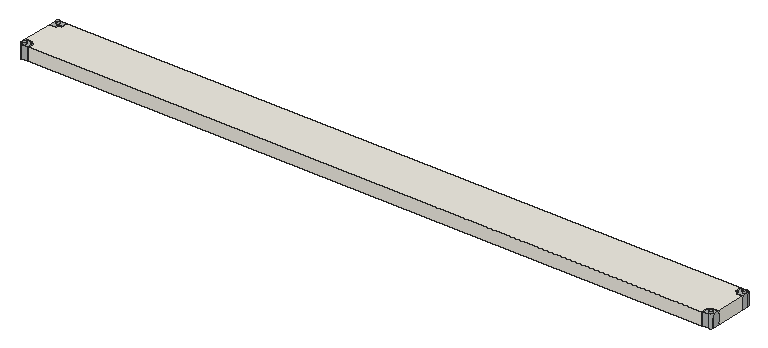
Revit family "HIGHTECH", category Осветительные приборы, Revit 2019 (continued)
Types (32, lengths in mm): name | Файл фотометрической сетки | built-in parameter 1150105 | Lumens | built-in parameter 1150106 | built-in parameter 1150142 | Wattage | Emit from Rectangle Width | Emit from Rectangle Length | Длина | Ширина | ADSK_Ток | ADSK_Полная мощность | ADSK_Обозначение | ADSK_Номинальная мощность | ADSK_Наименование | ADSK_Масса | ADSK_Код изделия
     1342.947 1322.522 1300.026 1275.261 1248.621 1220.205 1189.817 1157.849 1124.598 1089.670 \r\n1053.460 1016.065 977.881 938.119 898.060 856.917 815.575 773.149 730.722 687.901 644.390 600.877 557.168 513.262 470.046 426.534 383.121 340.497 298.761 257.814 218.151 179.473 \r\n140.501 105.672 72.816 41.835 13.714 0.592 0.592 0.493 0.493 0.493 0.493 0.493 0.493 0.493 0.493 0.395 0.395 0.395 0.395 0.395 0.395 0.395 0.395 0.296 0.296 0.296 0.296 0.296 0.296 0.296 0.296 0.197 \r\n0.197 0.197 0.197 0.197 0.197 0.197 0.197 0.098 0.098 0.098 0.098 0.098 0.098 0.098 0.098 0.000 0.000 0.000 0.000 \r\n1417.637 1417.341 1413.986 1408.461 1400.271 1389.715 1376.789 1360.608 1342.552 1322.128 1299.632 1274.768 1248.128 1219.614 1189.224 1157.256 1123.907 1088.980 \r\n1052.868 1015.374 977.191 937.428 897.369 856.127 814.884 772.458 730.032 687.211 643.698 600.187 556.577 512.670 469.454 425.942 382.529 340.004 298.268 257.321 217.756 179.080 \r\n140.204 105.376 72.520 41.538 13.517 0.592 0.592 0.493 0.493 0.493 0.493 0.493 0.493 0.493 0.493 0.395 0.395 0.395 0.395 0.395 0.395 0.395 0.395 0.296 0.296 0.296 0.296 0.296 0.296 0.296 0.296 0.197 \r\n0.197 0.197 0.197 0.197 0.197 0.197 0.197 0.098 0.098 0.098 0.098 0.098 0.098 0.098 0.098 0.000 0.000 0.000 0.000 \r\n1417.637 1417.242 1413.789 1408.362 1400.075 1389.517 1376.394 1360.311 1342.157 1321.733 1299.138 1274.274 1247.536 1219.022 1188.632 1156.566 1123.315 1088.388 \r\n1052.177 1014.684 976.500 936.738 896.581 855.436 814.194 771.768 729.341 686.519 643.107 599.496 555.885 512.078 468.862 425.449 382.035 339.511 297.873 256.926 217.362 178.685 \r\n139.909 105.079 72.223 41.341 13.221 0.592 0.592 0.493 0.493 0.493 0.493 0.493 0.493 0.493 0.493 0.395 0.395 0.395 0.395 0.395 0.395 0.395 0.395 0.296 0.296 0.296 0.296 0.296 0.296 0.296 0.296 0.197 \r\n0.197 0.197 0.197 0.197 0.197 0.197 0.197 0.098 0.098 0.098 0.098 0.098 0.098 0.098 0.098 0.000 0.000 0.000 0.000 \r\n1417.637 1417.242 1413.690 1408.165 1399.877 1389.220 1376.098 1359.917 1341.762 1321.339 1298.645 1273.781 1247.043 1218.528 1188.041 1155.974 1122.723 1087.697 \r\n1051.487 1013.993 975.810 936.046 895.889 854.746 813.503 771.077 728.650 685.829 642.416 598.904 555.294 511.486 468.270 424.857 381.542 339.018 297.380 256.533 216.967 178.389 \r\n139.613 104.882 72.026 41.143 13.024 0.592 0.592 0.493 0.493 0.493 0.493 0.493 0.493 0.493 0.493 0.395 0.395 0.395 0.395 0.395 0.395 0.395 0.395 0.296 0.296 0.296 0.296 0.296 0.296 0.296 0.296 0.197 \r\n0.197 0.197 0.197 0.197 0.197 0.197 0.197 0.098 0.098 0.098 0.098 0.098 0.098 0.098 0.098 0.000 0.000 0.000 0.000 \r\n1417.637 1417.143 1413.592 1407.967 1399.580 1388.925 1375.803 1359.523 1341.367 1320.845 1298.250 1273.288 1246.550 1217.936 1187.448 1155.382 1122.032 1087.105 \r\n1050.894 1013.401 975.119 935.356 895.199 854.055 812.813 770.386 727.959 685.138 641.725 598.213 554.603 510.795 467.678 424.265 380.951 338.524 296.887 256.038 216.573 177.994 \r\n139.218 104.586 71.730 40.848 12.826 0.592 0.592 0.493 0.493 0.493 0.493 0.493 0.493 0.493 0.493 0.395 0.395 0.395 0.395 0.395 0.395 0.395 0.395 0.296 0.296 0.296 0.296 0.296 0.296 0.296 0.296 0.197 \r\n0.197 0.197 0.197 0.197 0.197 0.197 0.197 0.098 0.098 0.098 0.098 0.098 0.098 0.098 0.098 0.000 0.000 0.000 0.000 \r\n1417.637 1417.143 1413.492 1407.869 1399.383 1388.629 1375.506 1359.226 1340.973 1320.451 1297.757 1272.795 1246.056 1217.443 1186.856 1154.790 1121.441 1086.414 \r\n1050.204 1012.711 974.428 934.665 894.508 853.365 812.122 769.695 727.269 684.448 641.134 597.523 554.011 510.203 467.086 423.772 380.457 338.031 296.492 255.645 216.178 177.599 \r\n138.922 104.291 71.533 40.650 12.629 0.592 0.592 0.592 0.493 0.493 0.493 0.493 0.493 0.493 0.493 0.395 0.395 0.395 0.395 0.395 0.395 0.395 0.395 0.296 0.296 0.296 0.296 0.296 0.296 0.296 0.296 0.197 \r\n0.197 0.197 0.197 0.197 0.197 0.197 0.197 0.098 0.098 0.098 0.098 0.098 0.098 0.098 0.098 0.000 0.000 0.000 0.000 \r\n1417.637 1417.044 1413.394 1407.671 1399.187 1388.333 1375.111 1358.832 1340.578 1320.056 1297.264 1272.301 1245.464 1216.851 1186.264 1154.099 1120.849 1085.822 \r\n1049.513 1012.020 973.737 933.975 893.818 852.575 811.432 769.004 726.578 683.855 640.443 596.930 553.321 509.611 466.494 423.180 379.964 337.537 295.999 255.250 215.783 177.304 \r\n138.626 103.994 71.237 40.453 12.333 0.592 0.592 0.592 0.493 0.493 0.493 0.493 0.493 0.493 0.493 0.395 0.395 0.395 0.395 0.395 0.395 0.395 0.395 0.296 0.296 0.296 0.296 0.296 0.296 0.296 0.296 0.197 \r\n0.197 0.197 0.197 0.197 0.197 0.197 0.197 0.098 0.098 0.098 0.098 0.098 0.098 0.098 0.098 0.000 0.000 0.000 0.000 \r\n1417.637 1417.044 1413.295 1407.474 1398.890 1388.135 1374.815 1358.437 1340.184 1319.661 1296.869 1271.808 1244.971 1216.258 1185.673 1153.507 1120.158 1085.131 \r\n1048.823 1011.329 973.046 933.284 893.127 851.884 810.741 768.314 725.888 683.165 639.752 596.240 552.728 509.019 465.902 422.686 379.371 337.044 295.505 254.757 215.388 176.909 \r\n138.232 103.698 70.942 40.157 12.136 0.592 0.592 0.592 0.493 0.493 0.493 0.493 0.493 0.493 0.493 0.395 0.395 0.395 0.395 0.395 0.395 0.395 0.395 0.296 0.296 0.296 0.296 0.296 0.296 0.296 0.296 0.197 \r\n0.197 0.197 0.197 0.197 0.197 0.197 0.197 0.098 0.098 0.098 0.098 0.098 0.098 0.098 0.098 0.000 0.000 0.000 0.000 \r\n1417.637 1416.946 1413.197 1407.376 1398.693 1387.839 1374.520 1358.042 1339.789 1319.168 1296.376 1271.315 1244.477 1215.765 1185.179 1152.915 1119.566 1084.539 \r\n1048.230 1010.638 972.356 932.594 892.436 851.194 810.050 767.623 725.197 682.474 639.160 595.649 552.038 508.427 465.310 422.094 378.878 336.550 295.111 254.362 214.895 176.514 \r\n137.935 103.403 70.744 39.960 11.939 0.592 0.592 0.592 0.493 0.493 0.493 0.493 0.493 0.493 0.493 0.395 0.395 0.395 0.395 0.395 0.395 0.395 0.395 0.296 0.296 0.296 0.296 0.296 0.296 0.296 0.296 0.197 \r\n0.197 0.197 0.197 0.197 0.197 0.197 0.197 0.098 0.098 0.098 0.098 0.098 0.098 0.098 0.098 0.000 0.000 0.000 0.000 \r\n1417.637 1416.946 1413.098 1407.178 1398.495 1387.544 1374.223 1357.747 1339.395 1318.773 1295.882 1270.822 1243.886 1215.174 1184.587 1152.323 1118.974 1083.848 \r\n1047.540 1009.947 971.665 931.903 891.746 850.503 809.359 766.933 724.507 681.784 638.470 594.958 551.445 507.836 464.718 421.502 378.287 336.057 294.617 253.967 214.500 176.119 \r\n137.640 103.106 70.447 39.762 11.741 0.592 0.592 0.592 0.493 0.493 0.493 0.493 0.493 0.493 0.493 0.395 0.395 0.395 0.395 0.395 0.395 0.395 0.395 0.296 0.296 0.296 0.296 0.296 0.296 0.296 0.296 0.197 \r\n0.197 0.197 0.197 0.197 0.197 0.197 0.197 0.098 0.098 0.098 0.098 0.098 0.098 0.098 0.098 0.000 0.000 0.000 0.000 \r\n1417.637 1416.848 1412.999 1407.079 1398.298 1387.247 1373.829 1357.352 1339.000 1318.378 1295.488 1270.327 1243.392 1214.680 1183.995 1151.731 1118.283 1083.257 \r\n1046.849 1009.257 970.975 931.113 891.055 849.813 808.668 766.242 723.914 681.093 637.779 594.266 550.755 507.145 464.126 421.009 377.793 335.564 294.222 253.474 214.105 175.823 \r\n137.343 102.810 70.250 39.467 11.445 0.592 0.592 0.592 0.493 0.493 0.493 0.493 0.493 0.493 0.493 0.395 0.395 0.395 0.395 0.395 0.395 0.395 0.395 0.296 0.296 0.296 0.296 0.296 0.296 0.296 0.296 0.197 \r\n0.197 0.197 0.197 0.197 0.197 0.197 0.197 0.098 0.098 0.098 0.098 0.098 0.098 0.098 0.098 0.000 0.000 0.000 0.000 \r\n1417.637 1416.848 1412.901 1406.882 1398.002 1387.051 1373.533 1356.957 1338.605 1317.983 1294.994 1269.834 1242.899 1214.089 1183.403 1151.041 1117.692 1082.665 \r\n1046.257 1008.566 970.284 930.423 890.266 849.121 807.978 765.552 723.224 680.403 637.187 593.675 550.163 506.553 463.534 420.416 377.300 335.071 293.729 253.079 213.712 175.429 \r\n136.949 102.515 69.954 39.269 11.248 0.592 0.592 0.592 0.493 0.493 0.493 0.493 0.493 0.493 0.493 0.395 0.395 0.395 0.395 0.395 0.395 0.395 0.395 0.296 0.296 0.296 0.296 0.296 0.296 0.296 0.296 0.197 \r\n0.197 0.197 0.197 0.197 0.197 0.197 0.197 0.098 0.098 0.098 0.098 0.098 0.098 0.098 0.098 0.000 0.000 0.000 0.000 \r\n1417.637 1416.749 1412.802 1406.684 1397.805 1386.754 1373.237 1356.661 1338.210 1317.589 1294.599 1269.341 1242.406 1213.496 1182.811 1150.448 1117.099 1081.974 \r\n1045.566 1007.974 969.593 929.732 889.575 848.333 807.287 764.861 722.533 679.712 636.496 592.985 549.472 505.960 462.942 419.825 376.707 334.577 293.236 252.684 213.317 175.034 \r\n136.652 102.218 69.659 39.072 11.051 0.592 0.592 0.592 0.493 0.493 0.493 0.493 0.493 0.493 0.493 0.395 0.395 0.395 0.395 0.395 0.395 0.395 0.395 0.296 0.296 0.296 0.296 0.296 0.296 0.296 0.296 0.197 \r\n0.197 0.197 0.197 0.197 0.197 0.197 0.197 0.098 0.098 0.098 0.098 0.098 0.098 0.098 0.098 0.000 0.000 0.000 0.000 \r\n1417.637 1416.749 1412.704 1406.586 1397.607 1386.458 1372.941 1356.266 1337.815 1317.095 1294.106 1268.848 1241.813 1213.003 1182.219 1149.856 1116.409 1081.382 \r\n1044.876 1007.283 968.902 929.042 888.885 847.642 806.597 764.170 721.843 679.120 635.806 592.293 548.881 505.368 462.351 419.332 376.214 334.084 292.841 252.191 212.922 174.738 \r\n136.357 101.922 69.461 38.776 10.853 0.592 0.592 0.592 0.493 0.493 0.493 0.493 0.493 0.493 0.493 0.395 0.395 0.395 0.395 0.395 0.395 0.395 0.395 0.296 0.296 0.296 0.296 0.296 0.296 0.296 0.296 0.197 \r\n0.197 0.197 0.197 0.197 0.197 0.197 0.197 0.098 0.098 0.098 0.098 0.098 0.098 0.098 0.098 0.000 0.000 0.000 0.000 \r\n1417.637 1416.650 1412.604 1406.389 1397.311 1386.162 1372.546 1355.871 1337.421 1316.701 1293.613 1268.355 1241.320 1212.411 1181.627 1149.265 1115.816 1080.691 \r\n1044.284 1006.593 968.212 928.351 888.194 846.951 805.906 763.479 721.151 678.429 635.213 591.702 548.190 504.777 461.758 418.740 375.721 333.591 292.348 251.796 212.527 174.343 \r\n135.962 101.627 69.165 38.579 10.557 0.592 0.592 0.592 0.493 0.493 0.493 0.493 0.493 0.493 0.493 0.395 0.395 0.395 0.395 0.395 0.395 0.395 0.395 0.296 0.296 0.296 0.296 0.296 0.296 0.296 0.296 0.197 \r\n0.197 0.197 0.197 0.197 0.197 0.197 0.197 0.098 0.098 0.098 0.098 0.098 0.098 0.098 0.098 0.000 0.000 0.000 0.000 \r\n1417.637 1416.650 1412.506 1406.191 1397.114 1385.866 1372.250 1355.576 1337.027 1316.307 1293.218 1267.861 1240.827 1211.918 1181.035 1148.672 1115.225 1080.099 \r\n1043.593 1005.902 967.620 927.660 887.503 846.260 805.215 762.789 720.461 677.739 634.523 591.011 547.598 504.086 461.166 418.247 375.129 333.098 291.855 251.401 212.132 173.948 \r\n135.666 101.429 68.968 38.381 10.360 0.592 0.592 0.592 0.493 0.493 0.493 0.493 0.493 0.493 0.493 0.493 0.395 0.395 0.395 0.395 0.395 0.395 0.395 0.296 0.296 0.296 0.296 0.296 0.296 0.296 0.296 0.197 \r\n0.197 0.197 0.197 0.197 0.197 0.197 0.197 0.098 0.098 0.098 0.098 0.098 0.098 0.098 0.098 0.000 0.000 0.000 0.000 \r\n1417.637 1416.650 1412.407 1406.093 1396.917 1385.669 1371.954 1355.181 1336.632 1315.912 1292.725 1267.368 1240.334 1211.325 1180.443 1147.982 1114.633 1079.409 \r\n1042.903 1005.212 966.929 926.969 886.812 845.569 804.524 762.098 719.770 677.048 633.832 590.320 546.907 503.494 460.574 417.654 374.636 332.603 291.460 250.908 211.738 173.653 \r\n135.371 101.133 68.671 38.086 10.163 0.592 0.592 0.592 0.493 0.493 0.493 0.493 0.493 0.493 0.493 0.493 0.395 0.395 0.395 0.395 0.395 0.395 0.395 0.296 0.296 0.296 0.296 0.296 0.296 0.296 0.296 0.197 \r\n0.197 0.197 0.197 0.197 0.197 0.197 0.197 0.098 0.098 0.098 0.098 0.098 0.098 0.098 0.098 0.000 0.000 0.000 0.000 \r\n1417.637 1416.551 1412.309 1405.895 1396.621 1385.373 1371.559 1354.786 1336.237 1315.419 1292.232 1266.875 1239.742 1210.733 1179.851 1147.390 1113.942 1078.816 \r\n1042.310 1004.521 966.238 926.279 886.121 844.879 803.834 761.408 719.080 676.357 633.240 589.728 546.315 502.902 459.982 417.062 374.043 332.110 290.967 250.513 211.343 173.258 \r\n135.074 100.837 68.376 37.888 9.965 0.592 0.592 0.592 0.493 0.493 0.493 0.493 0.493 0.493 0.493 0.493 0.395 0.395 0.395 0.395 0.395 0.395 0.395 0.296 0.296 0.296 0.296 0.296 0.296 0.296 0.296 0.197 \r\n0.197 0.197 0.197 0.197 0.197 0.197 0.197 0.098 0.098 0.098 0.098 0.098 0.098 0.098 0.098 0.000 0.000 0.000 0.000 \r\n1417.637 1416.551 1412.111 1405.796 1396.423 1385.077 1371.264 1354.391 1335.842 1315.024 1291.837 1266.382 1239.248 1210.240 1179.259 1146.798 1113.350 1078.126 \r\n1041.620 1003.831 965.548 925.588 885.431 844.090 803.143 760.717 718.389 675.666 632.549 589.038 545.723 502.310 459.390 416.569 373.550 331.617 290.474 250.119 210.948 172.863 \r\n134.679 100.541 68.178 37.591 9.669 0.592 0.592 0.592 0.493 0.493 0.493 0.493 0.493 0.493 0.493 0.493 0.395 0.395 0.395 0.395 0.395 0.395 0.395 0.296 0.296 0.296 0.296 0.296 0.296 0.296 0.296 0.197 \r\n0.197 0.197 0.197 0.197 0.197 0.197 0.197 0.098 0.098 0.098 0.098 0.098 0.098 0.098 0.098 0.000 0.000 0.000 0.000 \r\n1417.637 1416.453 1412.013 1405.600 1396.226 1384.781 1370.968 1354.095 1335.448 1314.629 1291.344 1265.888 1238.754 1209.648 1178.667 1146.206 1112.758 1077.534 \r\n1040.929 1003.140 964.857 924.898 884.740 843.400 802.453 760.026 717.698 674.976 631.859 588.446 545.032 501.718 458.798 415.977 373.057 331.124 290.079 249.625 210.553 172.567 \r\n134.383 100.245 67.883 37.394 9.472 0.592 0.592 0.592 0.493 0.493 0.493 0.493 0.493 0.493 0.493 0.493 0.395 0.395 0.395 0.395 0.395 0.395 0.395 0.296 0.296 0.296 0.296 0.296 0.296 0.296 0.296 0.197 \r\n0.197 0.197 0.197 0.197 0.197 0.197 0.197 0.098 0.098 0.098 0.098 0.098 0.098 0.098 0.098 0.000 0.000 0.000 0.000 \r\n1417.637 1416.453 1411.914 1405.402 1395.930 1384.583 1370.671 1353.701 1335.053 1314.234 1290.850 1265.395 1238.261 1209.155 1178.075 1145.515 1112.067 1076.844 \r\n1040.239 1002.548 964.167 924.207 883.951 842.708 801.762 759.336 717.008 674.383 631.267 587.755 544.441 501.126 458.206 415.385 372.465 330.631 289.585 249.231 210.160 172.172 \r\n134.088 99.949 67.685 37.198 9.275 0.592 0.592 0.592 0.493 0.493 0.493 0.493 0.493 0.493 0.493 0.493 0.395 0.395 0.395 0.395 0.395 0.395 0.395 0.296 0.296 0.296 0.296 0.296 0.296 0.296 0.296 0.197 \r\n0.197 0.197 0.197 0.197 0.197 0.197 0.197 0.098 0.098 0.098 0.098 0.098 0.098 0.098 0.098 0.000 0.000 0.000 0.000 \r\n1417.637 1416.354 1411.816 1405.303 1395.733 1384.288 1370.276 1353.307 1334.658 1313.741 1290.456 1264.901 1237.669 1208.563 1177.582 1144.923 1111.476 1076.252 \r\n1039.646 1001.857 963.476 923.417 883.260 842.018 801.072 758.644 716.317 673.693 630.576 587.064 543.749 500.435 457.614 414.891 371.972 330.137 289.191 248.836 209.765 171.778 \r\n133.693 99.653 67.389 36.901 9.077 0.592 0.592 0.592 0.493 0.493 0.493 0.493 0.493 0.493 0.493 0.493 0.395 0.395 0.395 0.395 0.395 0.395 0.395 0.296 0.296 0.296 0.296 0.296 0.296 0.296 0.296 0.197 \r\n0.197 0.197 0.197 0.197 0.197 0.197 0.197 0.098 0.098 0.098 0.098 0.098 0.098 0.098 0.098 0.000 0.000 0.000 0.000 \r\n1417.637 1416.453 1411.914 1405.402 1395.930 1384.583 1370.671 1353.701 1335.053 1314.234 1290.850 1265.395 1238.261 1209.155 1178.075 1145.515 1112.067 1076.844 \r\n1040.239 1002.548 964.167 924.207 883.951 842.708 801.762 759.336 717.008 674.383 631.267 587.755 544.441 501.126 458.206 415.385 372.465 330.631 289.585 249.231 210.160 172.172 \r\n134.088 99.949 67.685 37.198 9.275 0.592 0.592 0.592 0.493 0.493 0.493 0.493 0.493 0.493 0.493 0.493 0.395 0.395 0.395 0.395 0.395 0.395 0.395 0.296 0.296 0.296 0.296 0.296 0.296 0.296 0.296 0.197 \r\n0.197 0.197 0.197 0.197 0.197 0.197 0.197 0.098 0.098 0.098 0.098 0.098 0.098 0.098 0.098 0.000 0.000 0.000 0.000 \r\n1417.637 1416.453 1412.013 1405.600 1396.226 1384.781 1370.968 1354.095 1335.448 1314.629 1291.344 1265.888 1238.754 1209.648 1178.667 1146.206 1112.758 1077.534 \r\n1040.929 1003.140 964.857 924.898 884.740 843.400 802.453 760.026 717.698 674.976 631.859 588.446 545.032 501.718 458.798 415.977 373.057 331.124 290.079 249.625 210.553 172.567 \r\n134.383 100.245 67.883 37.394 9.472 0.592 0.592 0.592 0.493 0.493 0.493 0.493 0.493 0.493 0.493 0.493 0.395 0.395 0.395 0.395 0.395 0.395 0.395 0.296 0.296 0.296 0.296 0.296 0.296 0.296 0.296 0.197 \r\n0.197 0.197 0.197 0.197 0.197 0.197 0.197 0.098 0.098 0.098 0.098 0.098 0.098 0.098 0.098 0.000 0.000 0.000 0.000 \r\n1417.637 1416.551 1412.111 1405.796 1396.423 1385.077 1371.264 1354.391 1335.842 1315.024 1291.837 1266.382 1239.248 1210.240 1179.259 1146.798 1113.350 1078.126 \r\n1041.620 1003.831 965.548 925.588 885.431 844.090 803
